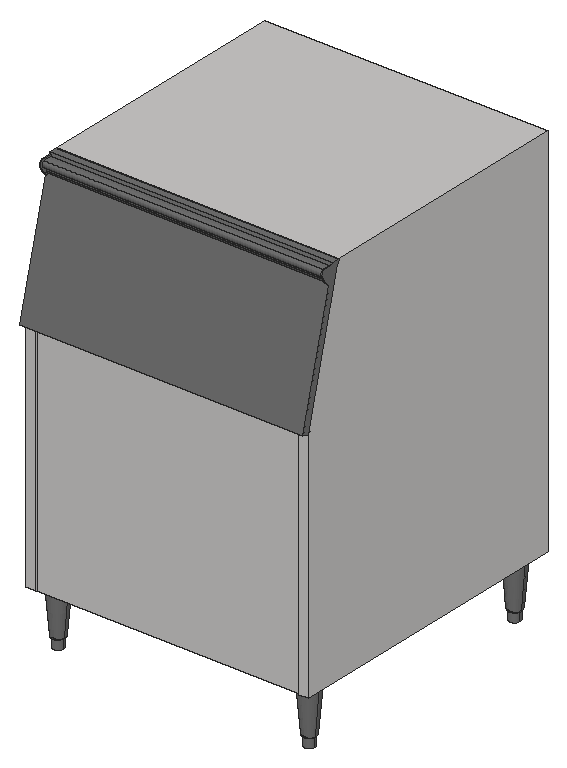
Revit family "QF_MACOM_B226I", category Specialty Equipment, Revit 2020
Family settings
  Round Connector Dimension = Use Diameter
  Part Type = Normal
  OmniClass Number = 23.40.40.11.24
  OmniClass Title = Cold Cabinets
  Work Plane-Based = No
  Always vertical = Yes
  Cut with Voids When Loaded = No
  Shared = No
  Room Calculation Point = No
Parameters (values of type "B-226I")
  Width [instance] = 762 mm
  Weight = 42 kg
  Volume = 0.735 m³
  URL = "http://www.acosmacom.com.br/"
  Storaging Capacity [instance] = 226 kg
  Show Clearance [instance] = yes
  Serial Number = ""
  SMACNA No = ""
  Omniclass Number and Title = ""
  NAFEM Spec ID Number = ""
  Model = "B-226I"
  Masterspec = ""
  Manufacturer = "MACOM"
  Identify Quantity as Lot [instance] = yes
  Height [instance] = 1168 mm
  Foodservice Equipment Identifier [instance] = yes
  Default Elevation = 0 mm
  Drain Size = 3/4"
  Description = "DEPOSITO DE GELO INOX MACOM"
  Depth [instance] = 826 mm
  CSI MasterFormat = ""
  CSI Master Format = ""
  Base Height [instance] = 152.4 mm
Reference planes
  plane 1 "BACK": y = 0
  plane 2: z = 0
  plane 3 "LEFT": x = 0
  plane 4 "RIGHT": x = 762
  plane 5 "FRONT": y = -826
  plane 6 "NoRef": z = 1064.503
  plane 7 "Base Height": z = 152.4
  plane 8 "Center Y": x = 381
  plane 9 "Center X": y = -413
  plane 10 "Top": z = 1168
Forms (mm)
  Revolve 1, solid, material "QF_Paint-Grey-Dark"
    sketch origin (381, -57.944, 152.4) x (0, 0, 1) y (-1, 0, 0)
      loop
        line (0, 367.494) -> (-124.817, 357.093)
        arc (-124.817, 357.093) -> (-126.371, 356.332) -> (-127, 354.72) r 2.381
        line (-127, 354.72) -> (-127, 353.207) -> (-152.4, 353.207) -> (-152.4, 338.919) -> (0, 338.919) -> (0, 367.494)
      axis (0, 338.919) -> (-152.4, 338.919)
    angle from 0 to 360
  Extrusion 2, solid, material "QF_Metal-Stainless"
    sketch origin (0, 101.6, 0) x (0, 1, 0) y (0, 0, 1)
      loop
        line (-906.886, 788.539) -> (-906.886, 152.4) -> (-101.6, 152.4) -> (-101.6, 1147.112) -> (-810.027, 1147.112) -> (-906.886, 788.539)
    from 0 to 25.4
  Extrusion 3, solid, material "QF_Metal-Stainless"
    sketch origin (381, 101.6, 0) x (0, -1, 0) y (0, 0, 1)
      loop
        line (133.35, 1147.112) -> (101.6, 1147.112) -> (101.6, 152.4) -> (903.711, 152.4) -> (903.711, 800.293) -> (897.944, 821.646) -> (873.664, 821.646) -> (873.664, 184.15) -> (133.35, 184.15) -> (133.35, 1147.112)
    from -355.6 to 355.6
  Extrusion 4, solid, material "QF_Paint-Grey-Dark"
    sketch origin (533.4, 117.573, 152.301) x (0, -1, 0) y (0, 0, 1)
      loop
        line (922.859, 636.239) -> (943.573, 641.834) -> (842.583, 1015.699) -> (820.358, 1015.699) -> (922.859, 636.239)
    from -228.6 to 533.4
  Extrusion 5, solid, material "QF_Metal-Stainless"
    sketch origin (381, 101.6, 152.301) x (0, -1, 0) y (0, 0, 1)
      loop
        line (101.6, 1015.699) -> (101.6, 994.812) -> (810.027, 994.812) -> (804.385, 1015.699) -> (101.6, 1015.699)
    from -381 to 381
  Extrusion 6, solid, material "QF_Metal-Stainless"
    sketch origin (762, 101.6, 0) x (0, 1, 0) y (0, 0, 1)
      loop
        line (-101.6, 152.4) -> (-101.6, 1147.112) -> (-810.027, 1147.112) -> (-906.886, 788.539) -> (-906.886, 152.4) -> (-101.6, 152.4)
    from 0 to -25.4
  Extrusion 7, solid, material "QF_Paint-Grey-Dark"
    sketch origin (0, 220.696, 166.029) x (0, 0.981627, 0.190809) y (0, -0.190809, 0.981627)
      loop
        arc (-773.929, 1149.47) -> (-767.982, 1133.486) -> (-759.308, 1118.803) r 96.261
        line (-759.308, 1118.803) -> (-738.981, 1160.266)
        arc (-738.981, 1160.266) -> (-750.246, 1162.811) -> (-761.702, 1164.264) r 120.175
        arc (-761.702, 1164.264) -> (-771.658, 1160.042) -> (-773.929, 1149.47) r 11.729
    from 0 to 3.175
  Extrusion 8, solid, material "QF_Paint-Grey-Dark"
    sketch origin (762, 15.973, 0) x (0, 1, 0) y (0, 0, 1)
      loop
        arc (-742.07, 1163.974) -> (-753.613, 1164.323) -> (-765.136, 1163.563) r 120.175
        arc (-765.136, 1163.563) -> (-774.104, 1157.519) -> (-774.315, 1146.707) r 11.729
        arc (-774.315, 1146.707) -> (-765.428, 1132.153) -> (-754.112, 1119.394) r 96.261
        line (-754.112, 1119.394) -> (-742.07, 1163.974)
    from 0 to -3.175
  Revolve 9, solid, material "QF_Paint-Grey-Dark"
    sketch origin (381, -57.944, 152.4) x (0, 0, 1) y (-1, 0, 0)
      loop
        line (0, -367.494) -> (0, -338.919) -> (-152.4, -338.919) -> (-152.4, -353.207) -> (-127, -353.207) -> (-127, -354.72)
        arc (-127, -354.72) -> (-126.371, -356.332) -> (-124.817, -357.093) r 2.381
        line (-124.817, -357.093) -> (0, -367.494)
      axis (0, -338.919) -> (-152.4, -338.919)
    angle from 0 to 360
  Revolve 10, solid, material "QF_Paint-Grey-Dark"
    sketch origin (381, -750.018, 152.4) x (0, 0, 1) y (1, 0, 0)
      loop
        line (0, -367.494) -> (0, -338.919) -> (-152.4, -338.919) -> (-152.4, -353.207) -> (-127, -353.207) -> (-127, -354.72)
        arc (-127, -354.72) -> (-126.371, -356.332) -> (-124.817, -357.093) r 2.381
        line (-124.817, -357.093) -> (0, -367.494)
      axis (0, -338.919) -> (-152.4, -338.919)
    angle from 0 to 360
  Revolve 11, solid, material "QF_Paint-Grey-Dark"
    sketch origin (381, -750.018, 152.4) x (0, 0, 1) y (1, 0, 0)
      loop
        line (0, 367.494) -> (-124.817, 357.093)
        arc (-124.817, 357.093) -> (-126.371, 356.332) -> (-127, 354.72) r 2.381
        line (-127, 354.72) -> (-127, 353.207) -> (-152.4, 353.207) -> (-152.4, 338.919) -> (0, 338.919) -> (0, 367.494)
      axis (0, 338.919) -> (-152.4, 338.919)
    angle from 0 to 360
  Extrusion 12, solid, material "QF_Metal-Stainless"
    sketch origin (381, 0, 1147.112) x (0, 0, -1) y (-1, 0, 0)
      loop
        circle (962.962, 0) r 9.525
    from 0 to -3.175
  Extrusion 13, solid, material "QF_Paint-Grey-Dark"
    sketch origin (758.825, 15.973, 0) x (0, -1, 0) y (0, 0, 1)
      loop
        arc (761.436, 1145.219) -> (772.652, 1149.947) -> (766.714, 1160.571) r 8.167
        arc (766.714, 1160.571) -> (754.826, 1161.998) -> (742.893, 1161.01) r 59.361
        line (742.893, 1161.01) -> (752.921, 1123.803) -> (757.562, 1130.19)
        arc (757.562, 1130.19) -> (759.064, 1133.487) -> (759.159, 1137.108) r 9.085
        line (759.159, 1137.108) -> (758.282, 1142.078) -> (761.436, 1145.219)
    from 0 to 755.65
  Extrusion 14, solid, material "QF_Clearance", visible <- "Show Clearance", detail levels coarse
    sketch origin (0, 220.696, 166.029) x (0, -0.981627, -0.190809) y (0, -0.190809, 0.981627)
      loop
        line (715.329, 1159.77) -> (888.352, 806.839)
        arc (888.352, 806.839) -> (1087.951, 1284.868) -> (640.329, 1545.609) r 393.061
        line (640.329, 1545.609) -> (715.329, 1159.77)
    from -762 to 0
Cuts and joins
  joined: Extrusion 4, Extrusion 7, Extrusion 8
  joined: Extrusion 2, Extrusion 3, Extrusion 5, Extrusion 6
Lines and regions (mm)
  symbolic lines
    curve 1: line (0, 0, 0) -> (762, 0, 0)
    curve 2: line (0, -826, 0) -> (0, 0, 0)
    curve 3: line (762, -826, 0) -> (0, -826, 0)
    curve 4: line (762, 0, 0) -> (762, -826, 0)
    curve 5: line (0, -702.785, 0) -> (762, -702.785, 0)
    curve 6: line (762, -725.01, 0) -> (0, -725.01, 0)
    curve 7: line (758.825, -726.097, 0) -> (758.825, -759.559, 0)
    curve 8: line (758.825, -726.097, 0) -> (762, -726.097, 0)
    curve 9: line (3.175, -759.559, 0) -> (3.175, -726.097, 0)
    curve 10: line (0, -726.097, 0) -> (3.175, -726.097, 0)
    curve 11: line (3.175, -759.559, 0) -> (0, -759.559, 0)
    curve 12: line (758.825, -759.559, 0) -> (762, -759.559, 0)
    curve 13: line (3.175, -757.102, 0) -> (758.825, -757.102, 0)
  model lines
    curve 14: line (40, -36, 1168) -> (40, -566.785, 1168)
    curve 15: line (722, -36, 1168) -> (40, -36, 1168)
    curve 16: line (722, -566.785, 1168) -> (722, -36, 1168)
    curve 17: line (40, -566.785, 1168) -> (722, -566.785, 1168)
Dimensions and locks
  "Width": plane 3 "LEFT" to plane 4 "RIGHT"
  "Depth": plane 5 "FRONT" to plane 1 "BACK"
  equal spacing: plane 3 "LEFT", plane 8 "Center Y", plane 4 "RIGHT"
  equal spacing: plane 5 "FRONT", plane 9 "Center X", plane 1 "BACK"
  locked: Extrusion 6 to plane 4 "RIGHT" at 25.4
  plane 4 "RIGHT" to plane 3 "LEFT" = 762 mm
  locked: Extrusion 12 sketch curve to plane 8 "Center Y"
  plane 10 "Top" to Extrusion 13 sketch curve to Extrusion 13 sketch curve to Extrusion 13 sketch curve to Extrusion 13 sketch curve = 6.99 mm locked, 8.408 mm locked, 10.524 mm locked, 18.275 mm locked
  "Base Height": plane 7 "Base Height" to plane 2
  "Height": plane 10 "Top" to plane 2
  aligned and locked: level to plane 2
  aligned and locked: plane 4 "RIGHT" to Extrusion 5
  aligned: plane 4 "RIGHT" to Extrusion 3
  aligned: plane 4 "RIGHT" to Extrusion 4
  aligned: Extrusion 4 to Extrusion 6
  aligned and locked: Extrusion 3 to Extrusion 6
  aligned and locked: plane 4 "RIGHT" to Extrusion 4
  aligned and locked: Extrusion 13 to cut or joined group of Extrusion 4, Extrusion 7, Extrusion 8
  aligned and locked: plane 4 "RIGHT" to Extrusion 14
  aligned and locked: Extrusion 14 to plane 3 "LEFT"
Automatic sketch dimensions
  Revolve 1 sketch curve to level = 0 mm  (x2)
  Revolve 1 sketch curve to plane 7 "Base Height" = 0 mm
  Revolve 1 sketch curve to Revolve 1 sketch curve = 38.1 mm
  level to Revolve 1 sketch curve = 25.4 mm
  Revolve 1 sketch curve to Revolve 1 sketch curve = 2.183 mm
  Revolve 1 sketch curve to Revolve 1 sketch curve = 2.381 mm
  plane 3 "LEFT" to Revolve 1 sketch curve = 42.081 mm  (x2)
  Revolve 1 sketch curve to Revolve 1 sketch curve = 14.287 mm
  Revolve 1 sketch curve to Revolve 1 sketch curve = 1.513 mm
  plane 3 "LEFT" to Revolve 1 sketch curve = 13.506 mm
  Extrusion 2 sketch curve to plane 7 "Base Height" = 0 mm
  Extrusion 2 sketch curve to plane 1 "BACK" = 0 mm
  Extrusion 2 sketch curve to plane 10 "Top" = 20.888 mm
  Extrusion 2 sketch curve to plane 5 "FRONT" = 117.573 mm
  Extrusion 2 sketch curve to plane 5 "FRONT" = 20.714 mm
  Extrusion 2 sketch curve to plane 6 "NoRef" = 275.963 mm
  Extrusion 3 sketch curve to plane 1 "BACK" = 0 mm
  Extrusion 3 sketch curve to plane 7 "Base Height" = 0 mm
  Extrusion 3 sketch curve to Extrusion 3 sketch curve = 31.75 mm
  Extrusion 3 sketch curve to plane 5 "FRONT" = 53.936 mm
  Extrusion 3 sketch curve to Extrusion 3 sketch curve = 24.279 mm
  Extrusion 3 sketch curve to Extrusion 3 sketch curve = 5.768 mm
  plane 7 "Base Height" to Extrusion 3 sketch curve = 31.75 mm
  Extrusion 3 sketch curve to plane 6 "NoRef" = 264.209 mm
  Extrusion 3 sketch curve to Extrusion 3 sketch curve = 21.352 mm
  Extrusion 3 sketch curve to plane 10 "Top" = 20.888 mm
  Extrusion 4 sketch curve to plane 10 "Top" = 0 mm
  Extrusion 4 sketch curve to plane 5 "FRONT" = 0 mm
  Extrusion 4 sketch curve to plane 5 "FRONT" = 20.714 mm
  Extrusion 4 sketch curve to plane 5 "FRONT" = 100.99 mm
  Extrusion 4 sketch curve to Extrusion 4 sketch curve = 22.225 mm
  Extrusion 5 sketch curve to plane 1 "BACK" = 0 mm
  Extrusion 5 sketch curve to plane 10 "Top" = 0 mm
  Extrusion 5 sketch curve to plane 5 "FRONT" = 123.215 mm
  Extrusion 5 sketch curve to Extrusion 5 sketch curve = 5.642 mm
  Extrusion 5 sketch curve to plane 10 "Top" = 20.888 mm
  Extrusion 6 sketch curve to plane 7 "Base Height" = 0 mm
  Extrusion 6 sketch curve to plane 1 "BACK" = 0 mm
  Extrusion 6 sketch curve to plane 10 "Top" = 20.888 mm
  Extrusion 6 sketch curve to plane 5 "FRONT" = 117.573 mm
  Extrusion 6 sketch curve to plane 5 "FRONT" = 20.714 mm
  Extrusion 6 sketch curve to plane 6 "NoRef" = 275.963 mm
  Extrusion 7 sketch curve to plane 10 "Top" = 21.293 mm
  Extrusion 7 sketch curve to plane 5 "FRONT" = 67.658 mm
  Extrusion 7 sketch curve to Extrusion 7 sketch curve = 0 mm  (x2)
  Extrusion 7 sketch curve to Extrusion 7 sketch curve = 2.861 mm
  Extrusion 7 sketch curve to Extrusion 7 sketch curve = 11.312 mm
  Extrusion 7 sketch curve to Extrusion 7 sketch curve = 0.914 mm
  Extrusion 7 sketch curve to Extrusion 7 sketch curve = 3.308 mm
  Extrusion 7 sketch curve to Extrusion 7 sketch curve = 22.721 mm
  Extrusion 7 sketch curve to Extrusion 7 sketch curve = 57.89 mm
  Extrusion 7 sketch curve to Extrusion 7 sketch curve = 30.666 mm
  Extrusion 8 sketch curve to plane 10 "Top" = 21.293 mm
  Extrusion 8 sketch curve to plane 5 "FRONT" = 67.658 mm
  Extrusion 8 sketch curve to Extrusion 8 sketch curve = 0 mm  (x2)
  Extrusion 8 sketch curve to plane 10 "Top" = 4.437 mm
  Extrusion 8 sketch curve to Extrusion 8 sketch curve = 9.179 mm
  Extrusion 8 sketch curve to Extrusion 8 sketch curve = 10.513 mm
  Extrusion 8 sketch curve to Extrusion 8 sketch curve = 9.69 mm
  Extrusion 8 sketch curve to plane 6 "NoRef" = 20.335 mm
  Extrusion 8 sketch curve to plane 10 "Top" = 4.026 mm
  plane 10 "Top" to Extrusion 8 sketch curve = 21.397 mm
  Revolve 9 sketch curve to level = 0 mm  (x2)
  Revolve 9 sketch curve to plane 7 "Base Height" = 0 mm
  Revolve 9 sketch curve to Revolve 9 sketch curve = 38.1 mm
  level to Revolve 9 sketch curve = 25.4 mm
  Revolve 9 sketch curve to Revolve 9 sketch curve = 2.183 mm
  Revolve 9 sketch curve to Revolve 9 sketch curve = 0.198 mm
  Revolve 9 sketch curve to plane 4 "RIGHT" = 13.506 mm
  Revolve 9 sketch curve to plane 4 "RIGHT" = 23.907 mm
  Revolve 9 sketch curve to Revolve 9 sketch curve = 1.513 mm
  Revolve 9 sketch curve to Revolve 9 sketch curve = 14.287 mm
  Revolve 9 sketch curve to Revolve 9 sketch curve = 0 mm
  Revolve 10 sketch curve to level = 0 mm  (x2)
  Revolve 10 sketch curve to plane 7 "Base Height" = 0 mm
  Revolve 10 sketch curve to Revolve 10 sketch curve = 38.1 mm
  level to Revolve 10 sketch curve = 25.4 mm
  Revolve 10 sketch curve to Revolve 10 sketch curve = 2.183 mm
  Revolve 10 sketch curve to Revolve 10 sketch curve = 0.198 mm
  plane 3 "LEFT" to Revolve 10 sketch curve = 13.506 mm
  plane 3 "LEFT" to Revolve 10 sketch curve = 23.907 mm
  Revolve 10 sketch curve to Revolve 10 sketch curve = 1.513 mm
  Revolve 10 sketch curve to Revolve 10 sketch curve = 14.287 mm
  Revolve 10 sketch curve to Revolve 10 sketch curve = 0 mm
  Revolve 11 sketch curve to level = 0 mm  (x2)
  Revolve 11 sketch curve to plane 7 "Base Height" = 0 mm
  Revolve 11 sketch curve to Revolve 11 sketch curve = 38.1 mm
  level to Revolve 11 sketch curve = 25.4 mm
  Revolve 11 sketch curve to Revolve 11 sketch curve = 2.183 mm
  Revolve 11 sketch curve to Revolve 11 sketch curve = 0.198 mm
  Revolve 11 sketch curve to plane 4 "RIGHT" = 42.081 mm  (x2)
  Revolve 11 sketch curve to Revolve 11 sketch curve = 14.287 mm
  Revolve 11 sketch curve to Revolve 11 sketch curve = 1.513 mm
  Revolve 11 sketch curve to plane 4 "RIGHT" = 13.506 mm
  Extrusion 12 sketch curve to Extrusion 3 = 31.75 mm
  Extrusion 8 to Extrusion 13 sketch curve = 0 mm
  Extrusion 13 sketch curve to Extrusion 13 sketch curve = 2.709 mm
  Extrusion 13 sketch curve to Extrusion 13 sketch curve = 0.811 mm
  Extrusion 13 sketch curve to Extrusion 13 sketch curve = 4.64 mm
  Extrusion 13 sketch curve to Extrusion 13 sketch curve = 0.876 mm
  Extrusion 13 sketch curve to Extrusion 13 sketch curve = 3.154 mm
  Extrusion 13 sketch curve to Extrusion 13 sketch curve = 3.492 mm
  Extrusion 13 sketch curve to Extrusion 13 sketch curve = 1.786 mm
  Extrusion 13 sketch curve to Extrusion 13 sketch curve = 0 mm
  Extrusion 13 sketch curve to Extrusion 13 sketch curve = 5.34 mm
  Extrusion 13 sketch curve to Extrusion 13 sketch curve = 4.971 mm
  Extrusion 13 sketch curve to Extrusion 13 sketch curve = 3.141 mm
  Extrusion 13 sketch curve to Extrusion 8 = 0.022 mm
  plane 1 "BACK" to curve 1 = 0 mm
  curve 1 to plane 3 "LEFT" = 0 mm
  curve 6 to plane 4 "RIGHT" = 0 mm
  plane 5 "FRONT" to curve 4 = 0 mm
  plane 3 "LEFT" to curve 11 = 3.175 mm
  curve 8 to curve 8 = 3.175 mm
  curve 7 to plane 5 "FRONT" = 66.441 mm
  curve 11 to plane 5 "FRONT" = 66.441 mm
  curve 9 to curve 13 = 2.457 mm
  curve 13 to curve 7 = 31.005 mm
  curve 13 to curve 10 = 31.005 mm
  curve 10 to curve 6 = 1.087 mm
  curve 6 to curve 5 = 22.225 mm
  Extrusion 7 to Extrusion 14 sketch curve = 21.456 mm
  Extrusion 14 sketch curve to Extrusion 14 sketch curve = 0 mm  (x2)
  Extrusion 14 sketch curve to Extrusion 14 sketch curve = 75 mm
  Extrusion 14 sketch curve to Extrusion 14 sketch curve = 173.023 mm
  Extrusion 14 sketch curve to Extrusion 14 sketch curve = 352.931 mm
  curve 16 to Extrusion 5 = 36 mm
  curve 16 to Extrusion 5 = 136 mm
  Extrusion 5 to curve 14 = 40 mm
  Extrusion 5 to curve 16 = 40 mm
  radius of Extrusion 12 sketch curve = 9.525 mm
Connectors
  piping at (381, 0, 184.15), diameter 19.05
    settings: on Extrusion 12, index 1, connector inside diameter 3/4", connector length 0 mm, flow factor 0, pipe flow 0 GPM, pressure drop 0.00 psi, fitting loss kfactor 0, connector angle 0.00°, fixture units 0, engagement length 0 mm, angle of deflection 0.00°, flow configuration 1, flow direction 2, fitting loss method 0, system type 16, joint type 0, gender type 0, connector reference index -1, connector utility 0, adjustable connector no, is connector primary yes, connector description "Drain"
